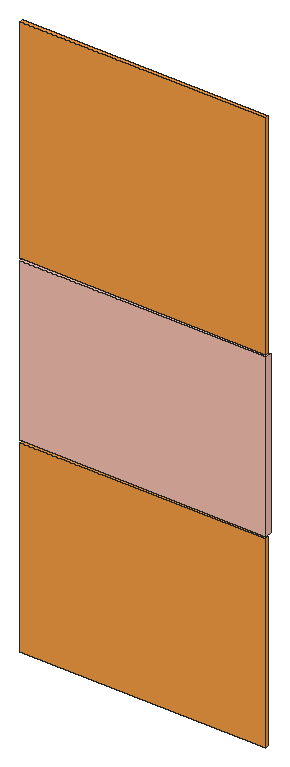
Revit family "EXP_WT-1A_CPan-011", category Curtain Panels, Revit 2021
Family settings
  OmniClass Number = 23.25.20.14.11.11.17
  OmniClass Title = Infill Panels
  Always vertical = Yes
  Cut with Voids When Loaded = No
  Shared = No
Parameters (values of type "H2 = 4'  6 1/2"")
  UI-UnitNumber [instance] = "001"
  UI-Quadrant [instance] = "SE"
  UI-ProjectAbbreviation = "NEU"
  UI-ItemCategory = "PID"
  UI-FloorNumber [instance] = "03"
  PNT-WallType = "WT1A"
  PNT-ProjectAbbreviation = "NEU"
  PNT-PanelType [instance] = "01"
  PNT-ItemCategory = "PNL"
  GlassSPH3 [instance] = 0' - 1 1/8"
  GlassSPH2(x3) [instance] = 0' - 2 3/16"
  GlassSPH1 [instance] = 0' - 1 1/8"
  GlassH3 [instance] = IG-4F(Glass)
  GlassH2 [instance] = IG-2F(Glass)
  GlassH1 [instance] = IG-4F(Glass)
  Define Thermal Properties by = Schematic Type
  CellSp = 0' - 10 3/16"
  CellL [instance] = 7' - 0"
  CellH3 [instance] = CellH - (CellH1 + CellH2)  # 5' - 4 1/2"
  CellH2 = 4' - 6 1/2"
  CellH1 = 6' - 0 1/2"
  CellH [instance] = 15' - 11 1/2"
  CellAngle = 0.00°
  Analytic Construction = "<None>"
Reference planes (in)
  plane 1 "Center (Front/Back)": y = 0
  plane 2: z = 0
  plane 3 "Center (Left/Right)": x = 0
  plane 4 "Left": x = -42
  plane 5 "Right": x = 42
  plane 6 "Top": z = 191.5
  plane 7: z = 119
  plane 8: y = -10.1875
  plane 9: z = 64.5
Forms (in)
  Extrusion 1, solid, material "IG-2F(Glass)" <- "GlassH2", detail levels coarse+medium
    sketch origin (0, 0, 0) x (0, 1, 0) y (0, 0, 1)
      loop
        line (-10.1875, 119) -> (-10.1875, 64.5) -> (0, 64.5) -> (0, 119) -> (-10.1875, 119)
    from -42 to 42
  Extrusion 2, solid, material "IG-4F(Glass)" <- "GlassH1", detail levels coarse+medium
    sketch origin (0, 0, 0) x (0, 1, 0) y (0, 0, 1)
      loop
        line (-10.1875, 191.5) -> (-10.1875, 119) -> (0, 119) -> (0, 191.5) -> (-10.1875, 191.5)
    from -42 to 42
  Extrusion 3, solid, material "IG-4F(Glass)" <- "GlassH3", detail levels coarse+medium
    sketch origin (0, 0, 0) x (0, 1, 0) y (0, 0, 1)
      loop
        line (0, 64.5) -> (-10.1875, 64.5) -> (-10.1875, 0) -> (0, 0) -> (0, 64.5)
    from -42 to 42
Text (in)
  text "Exterior" at (-92.59733, 55.75508, 0), in view "Ref. Level"
  text "Exterior" at (0, 90.18664, 173.49264), in view "Left"
  text "Exterior" at (0, 52.29083, 162.21847), in view "Right"
Dimensions and locks (in)
  Extrusion 2 sketch curve to Extrusion 2 sketch curve = 0' - 10 3/16"
  equal spacing: plane 4 "Left", plane 3 "Center (Left/Right)", plane 5 "Right"
  "CellH1": plane 7 to plane 6 "Top"
  "CellH2": plane 9 to plane 7
  "CellH": plane 2 to plane 6 "Top"
  "CellSp": plane 8 to plane 1 "Center (Front/Back)"
  "CellL": plane 4 "Left" to plane 5 "Right"
  "CellH3": plane 2 to plane 9
  aligned and locked: Extrusion 1 sketch curve to plane 7
  aligned and locked: plane 8 to Extrusion 1 sketch curve
  aligned and locked: plane 1 "Center (Front/Back)" to Extrusion 1 sketch curve
  aligned and locked: plane 4 "Left" to Extrusion 1
  aligned and locked: Extrusion 1 to plane 5 "Right"
  aligned and locked: plane 6 "Top" to Extrusion 2 sketch curve
  aligned and locked: plane 8 to Extrusion 2 sketch curve
  aligned and locked: Extrusion 2 sketch curve to Extrusion 1
  aligned and locked: Extrusion 2 to plane 5 "Right"
  aligned and locked: plane 4 "Left" to Extrusion 2
  aligned and locked: level to plane 2
  aligned and locked: Extrusion 1 sketch curve to plane 9
  aligned and locked: Extrusion 3 sketch curve to Extrusion 1  (x2)
  aligned and locked: Extrusion 3 sketch curve to level
  aligned and locked: Extrusion 3 sketch curve to plane 8
  aligned and locked: Extrusion 3 to plane 5 "Right"
  aligned and locked: plane 4 "Left" to Extrusion 3
  aligned and locked: Extrusion 2 to plane 1 "Center (Front/Back)"
  aligned and locked: plane 5 "Right" to nested 1
  aligned and locked: plane 4 "Left" to nested 1
  aligned and locked: Extrusion 3 to plane 2
  aligned and locked: nested 1 to plane 8
  aligned and locked: plane 8 to nested 2
  aligned and locked: plane 9 to nested 2
  aligned and locked: plane 2 to nested 2
  aligned and locked: nested 2 to plane 4 "Left"
  aligned and locked: nested 2 to plane 5 "Right"
  aligned and locked: plane 8 to nested 3
  aligned and locked: plane 7 to nested 3
  aligned and locked: plane 9 to nested 3
  aligned and locked: nested 3 to plane 4 "Left"
  aligned and locked: nested 3 to plane 5 "Right"
  aligned and locked: plane 8 to nested 4
  aligned and locked: nested 4 to plane 6 "Top"
  aligned and locked: plane 7 to nested 4
  aligned and locked: nested 4 to plane 4 "Left"
  aligned and locked: nested 4 to plane 5 "Right"
Nested families (in)
  nested 1: "EXP_xx_DetO-002" at (0, -10.1875, 0), CellH <- "CellH", CellL <- "CellL", type "EXP_xx_DetO-002", detail levels coarse
    with CellL 7' - 0", CellH 15' - 11 1/2"
  nested 2: "EXP_WT-1x_IG-001" at (0, -10.1875, 32.25) x (-1, 0, 0) z (0, 0, 1), MaterialGlass <- "GlassH3", GlassSP <- "GlassSPH3", type "GlassSP = H3", detail levels fine
    with MaterialGlass IG-4F(Glass), GlassSP 0' - 1 1/8", GlassL 6' - 10.12549", GlassH 5' - 2.56299", CellL 7' - 0", CellH 5' - 4 1/2"
  nested 3: "EXP_WT-1x_IG-001" at (0, -10.1875, 91.75) x (-1, 0, 0) z (0, 0, 1), MaterialGlass <- "GlassH2", GlassSP <- "GlassSPH2(x3)", type "GlassSP = H2(x3)", detail levels fine
    with MaterialGlass IG-2F(Glass), GlassSP 0' - 2 3/16", GlassL 6' - 10.12598", GlassH 4' - 5 3/4", CellL 7' - 0", CellH 4' - 6 1/2"
  nested 4: "EXP_WT-1x_IG-001" at (0, -10.1875, 155.25) x (-1, 0, 0) z (0, 0, 1), MaterialGlass <- "GlassH1", GlassSP <- "GlassSPH1", type "GlassSP = H1", detail levels fine
    with MaterialGlass IG-4F(Glass), GlassSP 0' - 1 1/8", GlassL 6' - 10.12549", GlassH 5' - 10 13/16", CellL 7' - 0", CellH 6' - 0 1/2"
Definition of nested family "EXP_WT-1x_IG-001"
  Parameters (values of type "H2 _ GlassSP = 1 1/4"")
    MaterialGlass [instance] = none
    GlassSP [instance] = 0' - 1 1/4"
    GlassL [instance] = CellL - (GlassD1 + GlassD3)  # 3' - 10.94439"
    GlassH [instance] = CellH - (GlassD2 + GlassD4)  # 6' - 6.64788"
    GlassD4 = 0' - 1.43701"
    GlassD3 = 0' - 0.93701"
    GlassD2 = 0' - 0 1/2"
    GlassD1 = 0' - 0 15/16"
    GMPI-ProjectAbbreviation = "NEU"
    GMPI-IteamCategory = "GLS"
    Default Elevation = 0' - 0"
    CellL [instance] = 4' - 0.8189"
    CellH [instance] = 6' - 8.58489"
  Types (12): name | GlassSP | GlassL | GlassH | GlassD4 | GlassD2 | GlassD1
    H2(x2) _ GlassSP = 2 1/8" | 0' - 2.12598" | 3' - 10.94488" | 6' - 6.64788" | 0' - 1.43701" | 0' - 0 1/2" | 0' - 0.93701"
    H1 _ GlassSP = 1 1/4" | 0' - 1 1/4" | 3' - 10.94439" | 6' - 6.89739" | 0' - 0 1/4" | 0' - 1 7/16" | 0' - 0 15/16"
    H2(x3) _ GlassSP = 2 1/8" | 0' - 2.12598" | 3' - 10.94488" | 6' - 7.83489" | 0' - 0 1/4" | 0' - 0 1/2" | 0' - 0.93701"
    H3 _ GlassSP = 1 1/4" | 0' - 1 1/4" | 3' - 10.94439" | 6' - 6.64788" | 0' - 1.43701" | 0' - 0 1/2" | 0' - 0 15/16"
    H _ GlassSP = 2 1/8" | 0' - 2.12598" | 3' - 10.94488" | 6' - 5.71088" | 0' - 1.43701" | 0' - 1.43701" | 0' - 0.93701"
    H _ GlassSP = 1 1/4" | 0' - 1 1/4" | 3' - 10.94439" | 6' - 5.71088" | 0' - 1.43701" | 0' - 1.43701" | 0' - 0 15/16"
    H2 _ GlassSP = 1 1/4" | 0' - 1 1/4" | 3' - 10.94439" | 6' - 6.64788" | 0' - 1.43701" | 0' - 0 1/2" | 0' - 0 15/16"
    GlassSP = H | 0' - 1 1/4" | 3' - 10.94439" | 6' - 5.71088" | 0' - 1.43701" | 0' - 1.43701" | 0' - 0 15/16"
    GlassSP = H3 | 0' - 1 1/4" | 3' - 10.94439" | 6' - 6.64788" | 0' - 1.43701" | 0' - 0 1/2" | 0' - 0 15/16"
    GlassSP = H2(x3) | 0' - 2.12598" | 3' - 10.94488" | 6' - 7.83489" | 0' - 0 1/4" | 0' - 0 1/2" | 0' - 0.93701"
    GlassSP = H2(x2) | 0' - 2.12598" | 3' - 10.94488" | 6' - 6.64788" | 0' - 1.43701" | 0' - 0 1/2" | 0' - 0.93701"
    GlassSP = H1 | 0' - 1 1/4" | 3' - 10.94439" | 6' - 6.89739" | 0' - 0 1/4" | 0' - 1 7/16" | 0' - 0 15/16"
  Reference planes (in)
    plane 1 "Center (Front/Back)": y = 0
    plane 2: z = 0
    plane 3 "Center (Left/Right)": x = 0
    plane 4: x = -24.40945
    plane 5: x = 24.40945
    plane 6: z = 40.29245
    plane 7: x = -23.47195
    plane 8: x = 23.47244
    plane 9: z = -40.29245
    plane 10: z = 39.79245
    plane 11: z = -38.85544
  Forms (in)
    Extrusion 1, solid, material <- "MaterialGlass"
      sketch origin (0, 0, 0) x (1, 0, 0) y (0, 0, 1)
        loop
          line (-23.47195, -38.85544) -> (23.47244, -38.85544) -> (23.47244, 39.79245) -> (-23.47195, 39.79245) -> (-23.47195, -38.85544)
      from 0 to 1.25 <- "GlassSP"
  Dimensions and locks (in)
    equal spacing: plane 6, level, plane 9
    "CellH": plane 6 to plane 9
    "GlassD2": plane 6 to plane 10
    "GlassD4": plane 11 to plane 9
    equal spacing: plane 4, plane 3 "Center (Left/Right)", plane 5
    "CellL": plane 4 to plane 5
    "GlassD1": plane 4 to plane 7
    "GlassD3": plane 5 to plane 8
    aligned and locked: level to plane 2
    aligned and locked: Extrusion 1 sketch curve to plane 11
    aligned and locked: Extrusion 1 sketch curve to plane 7
    aligned and locked: plane 10 to Extrusion 1 sketch curve
    aligned and locked: plane 8 to Extrusion 1 sketch curve
Definition of nested family "EXP_xx_DetO-002"
  Parameters (values of type "EXP_xx_DetO-002")
    Default Elevation = 0' - 0"
    CellL [instance] = 5' - 4.56693"
    CellH [instance] = 5' - 2.99213"
  Reference planes (in)
    plane 1 "Center (Front/Back)": y = 0
    plane 2: z = 0
    plane 3 "Center (Left/Right)": x = 0
    plane 4: x = -32.28346
    plane 5: x = 32.28346
    plane 6: z = 62.99213
  Lines and regions (in)
    model lines
      curve 1: line (-32.28346, 0, 62.99213) -> (32.28346, 0, 0)
      curve 2: line (32.28346, 0, 62.99213) -> (-32.28346, 0, 0)
  Dimensions and locks (in)
    "CellH": plane 6 to level
    equal spacing: plane 4, plane 3 "Center (Left/Right)", plane 5
    "CellL": plane 4 to plane 5
    aligned and locked: level to plane 2
  Automatic sketch dimensions
    curve 2 to level = 0' - 0"
    plane 4 to curve 2 = 0' - 0"
    plane 4 to curve 1 = 0' - 0"
    plane 5 to curve 2 = 0' - 0"
    curve 1 to level = 0' - 0"
    plane 5 to curve 1 = 0' - 0"
    curve 2 to plane 6 = 0' - 0"
    curve 1 to plane 6 = 0' - 0"
